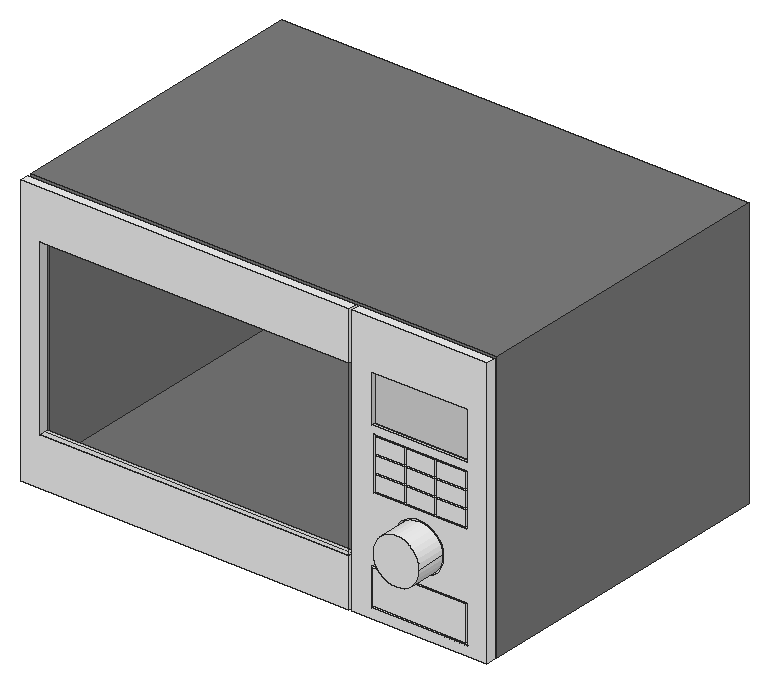
Revit family "Microwave tms", category Specialty Equipment, Revit 2012
Parameters (values of type "46.5-W x 28-H x 34-D Aluminum")
  Width = 48.5 cm
  LED screen = Glass - black
  Knob socket radius = Knob radius + Key gaps  # 2.58 cm
  Knob radius = 0.085 * Height  # 2.38 cm
  Knob elevation = Knob radius + 6 cm  # 8.38 cm
  Knob [instance] = yes
  Keypad elevation = Knob elevation + Knob radius + 1 cm  # 11.76 cm
  Keypad Height = if(Height < 33.3 cm, 5.5 cm, 10 cm)  # 5.5 cm
  Key gaps = 0.2 cm
  Height = 28 cm
  Glass = Glass - black
  Front Panel = Metal - Aluminium
  Depth = 34 cm
  Case = Metal - Firring
Types (3, lengths in cm): name | Width | Knob socket radius | Knob radius | Knob elevation | Keypad elevation | Keypad Height | Height | Front Panel | Depth
  60-W x 40-H x 30-D Aluminum | 59.5 | 3.447 | 3.247 | 9.247 | 13.494 | 10 | 38.2 | Metal - Aluminium | 31.6
  60-W x 40-H x 30-D Black | 59.5 | 3.447 | 3.247 | 9.247 | 13.494 | 10 | 38.2 | Metal - Black Anodized Aluminum | 31.6
  46.5-W x 28-H x 34-D Aluminum | 48.5 | 2.58 | 2.38 | 8.38 | 11.76 | 5.5 | 28 | Metal - Aluminium | 34
Reference planes (cm)
  plane 1 "Center (Front/Back)": y = 0
  plane 2: z = 1
  plane 3 "Center (Left/Right)": x = 0
  plane 4 "back": y = 17
  plane 5 "front": y = -17
  plane 6 "L": x = -24.25
  plane 7 "R": x = 24.25
  plane 8 "top": z = 29
  plane 9: y = -15.7
Forms (cm)
  Extrusion 1, solid, material "Metal - Aluminium" <- "Front Panel"
    sketch origin (0, -17, 0) x (-1, 0, 0) y (0, 0, 1)
      loop
        line (24.25, 29) -> (-9.95, 29) -> (-9.95, 24) -> (22.25, 24) -> (22.25, 6) -> (-9.95, 6) -> (-9.95, 1) -> (24.25, 1) -> (24.25, 29)
    from 0 to 1
  Extrusion 2, solid, material "Metal - Aluminium" <- "Front Panel"
    sketch origin (4, -17, 0) x (-1, 0, 0) y (0, 0, 1)
      loop
        line (-20.25, 29) -> (-20.25, 1) -> (-6.25, 1) -> (-6.25, 29) -> (-20.25, 29)
    from 0 to 1
  Extrusion 3, solid, material "Glass - black" <- "Glass"
    sketch origin (0, -17, 0) x (-1, 0, 0) y (0, 0, 1)
      loop
        line (-9.95, 6) -> (22.25, 6) -> (22.25, 24) -> (-9.95, 24) -> (-9.95, 6)
    from 0 to 0.5
  Extrusion 4, solid, material "Metal - Firring" <- "Case"
    sketch origin (0, 17, 0) x (-1, 0, 0) y (0, 0, 1)
      loop
        line (24.25, 29) -> (-24.25, 29) -> (-24.25, 1) -> (24.25, 1) -> (24.25, 29)
      loop
        line (22.25, 27) -> (-10.25, 27) -> (-10.25, 3) -> (22.25, 3) -> (22.25, 27)
    from -2 to -32.7
  Extrusion 5, solid, material "Metal - Firring" <- "Case"
    sketch origin (0, 17, 0) x (-1, 0, 0) y (0, 0, 1)
      loop
        line (24.25, 29) -> (-24.25, 29) -> (-24.25, 1) -> (24.25, 1) -> (24.25, 29)
    from 0 to -2
  Extrusion 6, void
    sketch origin (0, -17, 3) x (-1, 0, 0) y (0, 0, 1)
      loop
        line (-12.5287, 15.26) -> (-12.7287, 15.26) -> (-12.7287, 9.76) -> (-12.5287, 9.76) -> (-12.5287, 15.26)
      loop
        line (-22.05, 15.26) -> (-22.25, 15.26) -> (-22.25, 9.76) -> (-22.05, 9.76) -> (-22.05, 15.26)
      loop
        line (-18.8762, 15.26) -> (-19.0762, 15.26) -> (-19.0762, 9.76) -> (-18.8762, 9.76) -> (-18.8762, 15.26)
      loop
        line (-15.9025, 15.26) -> (-15.9025, 9.76) -> (-15.7025, 9.76) -> (-15.7025, 15.26) -> (-15.9025, 15.26)
    from 0 to 0.5
  Extrusion 7, void
    sketch origin (5.8566, -17, 42.637) x (0, 0, 1) y (1, 0, 0)
      loop
        line (-24.377, 16.3934) -> (-24.577, 16.3934) -> (-24.577, 6.6721) -> (-24.377, 6.6721) -> (-24.377, 16.3934)
      loop
        line (-29.677, 16.3934) -> (-29.877, 16.3934) -> (-29.877, 6.6721) -> (-29.677, 6.6721) -> (-29.677, 16.3934)
      loop
        line (-27.9103, 16.3934) -> (-28.1103, 16.3934) -> (-28.1103, 6.6721) -> (-27.9103, 6.6721) -> (-27.9103, 16.3934)
      loop
        line (-26.1436, 16.3934) -> (-26.3436, 16.3934) -> (-26.3436, 6.6721) -> (-26.1436, 6.6721) -> (-26.1436, 16.3934)
    from 0 to 0.5
  Extrusion 8, void
    sketch origin (0, -17, 0) x (-1, 0, 0) y (0, 0, 1)
      loop
        line (-12.25, 6) -> (-22.25, 6) -> (-22.25, 2) -> (-12.25, 2) -> (-12.25, 6)
      loop
        line (-12.45, 5.8) -> (-22.05, 5.8) -> (-22.05, 2.2) -> (-12.45, 2.2) -> (-12.45, 5.8)
      loop
        line (-12.25, 24) -> (-22.25, 24) -> (-22.25, 19) -> (-12.25, 19) -> (-12.25, 24)
    from 0 to 0.5
  Extrusion 9, solid, material "Metal - Aluminium" <- "Front Panel", visible <- "Knob", detail levels medium+fine
    sketch origin (0, -17, 0) x (-1, 0, 0) y (0, 0, 1)
      loop
        circle (-17.25, 9.38) r 2.38
    from -3 to 0.5
  Extrusion 10, solid, material "Glass - black" <- "LED screen"
    sketch origin (0, -17, 0) x (-1, 0, 0) y (0, 0, 1)
      loop
        line (-12.25, 24) -> (-22.25, 24) -> (-22.25, 19) -> (-12.25, 19) -> (-12.25, 24)
    from 0 to 0.3
  Extrusion 11, void
    sketch origin (0, -17, 0) x (-1, 0, 0) y (0, 0, 1)
      loop
        circle (-17.25, 9.38) r 2.58
    from 0 to 0.5
  Extrusion 12, solid, material "Metal - Firring" <- "Case", detail levels fine
    sketch origin (0, 0, 0) x (1, 0, 0) y (0, 1, 0)
      loop
        circle (-21.25, -12.7) r 1
      loop
        circle (21.25, -12.7) r 1
      loop
        circle (-21.25, 14) r 1
      loop
        circle (21.25, 14) r 1
    from 0 to 1
Cuts and joins
  joined: Extrusion 4, Extrusion 5
  Extrusion 6, Extrusion 7, Extrusion 8, Extrusion 11 cuts Extrusion 2
  Extrusion 11 cuts Extrusion 9
Lines and regions (cm)
  Masking region 1
    outline origin (0, 0, 0) x (1, 0, 0) y (0, 1, 0)
      loop
        line (-24.25, 17) -> (-24.25, -17) -> (24.25, -17) -> (24.25, 17) -> (-24.25, 17)
Dimensions and locks (cm)
  equal spacing: plane 6 "L", plane 3 "Center (Left/Right)", plane 7 "R"
  equal spacing: plane 4 "back", plane 1 "Center (Front/Back)", plane 5 "front"
  "Depth": plane 4 "back" to plane 5 "front"
  "Width": plane 6 "L" to plane 7 "R"
  "Height": plane 8 "top" to plane 2
  locked: Extrusion 1 sketch curve to plane 6 "L" at 2
  locked: plane 8 "top" to Extrusion 1 sketch curve at 5
  locked: Extrusion 1 sketch curve to Extrusion 1 sketch curve at 5
  locked: plane 7 "R" to Extrusion 2 sketch curve at 14
  locked: Extrusion 1 sketch curve to Extrusion 2 at 0.3
  locked: Extrusion 1 to Extrusion 4 sketch curve at 2
  locked: Extrusion 4 sketch curve to plane 2 at 2
  locked: plane 8 "top" to Extrusion 4 sketch curve at 2
  locked: plane 9 to plane 5 "front" at 1.3
  "Key gaps": Extrusion 6 sketch curve to Extrusion 6 sketch curve  (x4)
  "Key gaps": Extrusion 7 sketch curve to Extrusion 7 sketch curve  (x4)
  equal spacing: Extrusion 7 sketch curve, Extrusion 7 sketch curve, Extrusion 7 sketch curve, Extrusion 7 sketch curve
  equal spacing: Extrusion 6 sketch curve, Extrusion 6 sketch curve, Extrusion 6 sketch curve, Extrusion 6 sketch curve
  "Key gaps": Extrusion 8 sketch curve to Extrusion 8 sketch curve  (x4)
  equal spacing: cut or joined group of Extrusion 2, Extrusion 6, Extrusion 7, Extrusion 8, Extrusion 11, Extrusion 9 sketch curve, cut or joined group of Extrusion 2, Extrusion 6, Extrusion 7, Extrusion 8, Extrusion 11
  "Knob elevation": Extrusion 9 sketch curve to plane 2
  "Knob elevation": Extrusion 11 sketch curve to plane 2
  equal spacing: cut or joined group of Extrusion 2, Extrusion 6, Extrusion 7, Extrusion 8, Extrusion 11, Extrusion 11 sketch curve, cut or joined group of Extrusion 2, Extrusion 6, Extrusion 7, Extrusion 8, Extrusion 11
  Extrusion 8 sketch curve to Extrusion 8 sketch curve = 4 cm
  locked: cut or joined group of Extrusion 2, Extrusion 6, Extrusion 7, Extrusion 8, Extrusion 11 to Extrusion 8 sketch curve at 2  (x2)
  locked: Extrusion 8 sketch curve to Extrusion 8 sketch curve at 5
  "Keypad elevation": Extrusion 7 sketch curve to plane 2
  "Keypad Height": Extrusion 7 sketch curve to Extrusion 7 sketch curve
  Extrusion 12 sketch curve to plane 9 = 3 cm
  plane 6 "L" to Extrusion 12 sketch curve = 3 cm
  locked: Extrusion 12 sketch curve to plane 9 at 3
  locked: Extrusion 12 sketch curve to plane 7 "R" at 3  (x2)
  locked: plane 6 "L" to Extrusion 12 sketch curve at 3
  locked: plane 4 "back" to Extrusion 12 sketch curve at 3  (x2)
  locked: Extrusion 8 sketch curve to plane 2 at 1
  "Knob radius": radius of Extrusion 9 sketch curve
  "Knob socket radius": radius of Extrusion 11 sketch curve
  aligned and locked: Extrusion 2 sketch curve to plane 8 "top"
  aligned and locked: plane 2 to Extrusion 2 sketch curve
  aligned and locked: Extrusion 1 sketch curve to Extrusion 1 sketch curve
  aligned and locked: Extrusion 3 sketch curve to Extrusion 1  (x4)
  aligned and locked: plane 6 "L" to Extrusion 4 sketch curve
  aligned and locked: plane 2 to Extrusion 4 sketch curve
  aligned and locked: Extrusion 4 sketch curve to plane 7 "R"
  aligned and locked: Extrusion 4 sketch curve to plane 8 "top"
  aligned and locked: Extrusion 2 to Extrusion 4 sketch curve
  aligned and locked: Extrusion 4 to plane 9
  aligned and locked: plane 2 to Extrusion 5 sketch curve
  aligned and locked: plane 6 "L" to Extrusion 5 sketch curve
  aligned and locked: Extrusion 5 sketch curve to plane 7 "R"
  aligned and locked: Extrusion 5 sketch curve to plane 8 "top"
  aligned and locked: Extrusion 5 to Extrusion 4
  aligned and locked: plane 4 "back" to Extrusion 5
  aligned and locked: Extrusion 7 sketch curve to cut or joined group of Extrusion 2, Extrusion 6, Extrusion 7, Extrusion 8, Extrusion 11  (x4)
  aligned and locked: Extrusion 6 sketch curve to Extrusion 6 sketch curve  (x3)
  aligned and locked: cut or joined group of Extrusion 2, Extrusion 6, Extrusion 7, Extrusion 8, Extrusion 11 to Extrusion 9
  aligned and locked: Extrusion 3 to Extrusion 8 sketch curve
  aligned and locked: Extrusion 10 sketch curve to cut or joined group of Extrusion 2, Extrusion 6, Extrusion 7, Extrusion 8, Extrusion 11  (x4)
  aligned and locked: plane 5 "front" to Masking region 1 sketch curve
  aligned and locked: Masking region 1 sketch curve to plane 4 "back"
  aligned and locked: plane 6 "L" to Masking region 1 sketch curve
  aligned and locked: Masking region 1 sketch curve to plane 7 "R"
  aligned and locked: Extrusion 7 to Extrusion 6
  aligned and locked: cut or joined group of Extrusion 2, Extrusion 6, Extrusion 7, Extrusion 8, Extrusion 11 to cut or joined group of Extrusion 2, Extrusion 6, Extrusion 7, Extrusion 8, Extrusion 11  (x4)
  aligned and locked: Extrusion 1 to plane 2
  aligned and locked: cut or joined group of Extrusion 4, Extrusion 5 to plane 2
  aligned and locked: level to Extrusion 12
  aligned and locked: plane 2 to Extrusion 12
Automatic sketch dimensions
  Extrusion 2 sketch curve to plane 7 "R" = 0 cm
  Extrusion 1 sketch curve to plane 6 "L" = 0 cm
  level to Extrusion 1 sketch curve = 1 cm
  Extrusion 1 sketch curve to plane 8 "top" = 0 cm
  Extrusion 6 sketch curve to plane 7 "R" = 2 cm
  Extrusion 6 sketch curve to Extrusion 6 sketch curve = 2.9738 cm
  level to Extrusion 6 sketch curve = 12.76 cm
  Extrusion 6 sketch curve to Extrusion 6 sketch curve = 0 cm  (x3)
  Extrusion 6 sketch curve to Extrusion 6 sketch curve = 5.5 cm
  Extrusion 7 sketch curve to plane 7 "R" = 2 cm  (x2)
  Extrusion 7 sketch curve to Extrusion 7 sketch curve = 0 cm  (x2)
  Extrusion 8 sketch curve to plane 7 "R" = 2 cm
  Extrusion 8 sketch curve to Extrusion 8 sketch curve = 9.6 cm
  radius of Extrusion 12 sketch curve = 1 cm  (x4)
